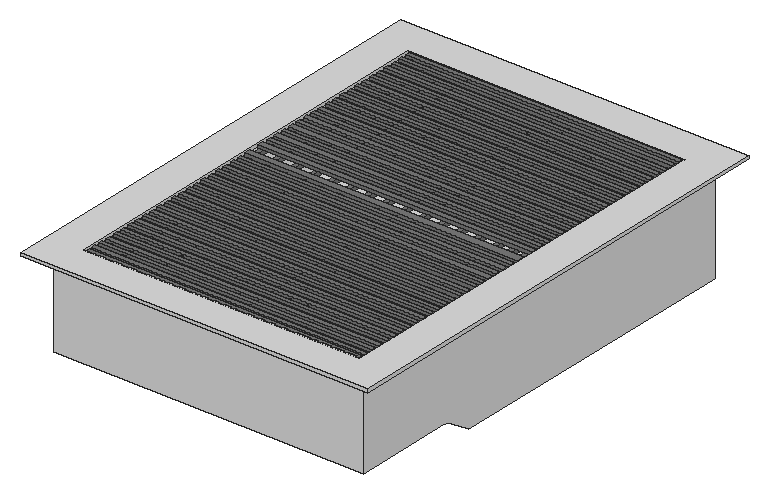
Revit family "VR414611", category Generic Models, Revit 2014
Parameters (values of type "V R414611")
  Width = 380 mm
  Unit = Aluminium
  URL = "http://www.gaggenau.com."
  Model = "V R 414 611"
  Manufacturer = "Gaggenau"
  Height = 118 mm
  Grill = Black
  Description = "Gaggenau Vario 400 series electric grill"
  Depth = 520 mm
Reference planes
  plane 1 "Center (Front/Back)": y = 0
  plane 2: z = 0
  plane 3 "Center (Left/Right)": x = 0
  plane 4: x = -190
  plane 5: x = 190
  plane 6: y = 260
  plane 7: y = -260
  plane 8: z = 118
  plane 9: z = 115
Forms (mm)
  Sweep 1, solid, material "Aluminium" <- "Unit"
    path origin (0, 0, 0) x (1, 0, 0) y (0, 1, 0)
      loop
        line (-190, 260) -> (-190, -260) -> (190, -260) -> (190, 260) -> (-190, 260)
    profile origin (-190, 0, 0) x (1, 0, 0) y (0, 0, 1)
      loop
        line (0, 118) -> (0, 115) -> (38.834, 115) -> (38.834, 118) -> (0, 118)
  Sweep 2, solid, material "Aluminium" <- "Unit"
    path origin (0, 0, 0) x (1, 0, 0) y (0, 1, 0)
      loop
        line (-190, 260) -> (-190, -260) -> (190, -260) -> (190, 260) -> (-190, 260)
    profile origin (-190, 0, 0) x (1, 0, 0) y (0, 0, 1)
      loop
        line (39.98, 115) -> (20.4, 115) -> (20.4, 0) -> (64.999, 0) -> (64.999, 69.5) -> (52.053, 69.5) -> (39.98, 115)
  Extrusion 3, solid, material "Black" <- "Grill"
    sketch origin (0, 0, 23) x (1, 0, 0) y (0, 1, 0)
      loop
        line (-148.75, 200.278) -> (-148.75, 195.561) -> (150, 195.561) -> (150, 200.278) -> (-148.75, 200.278)
      loop
        line (-148.75, 190.278) -> (-148.75, 185.561) -> (150, 185.561) -> (150, 190.278) -> (-148.75, 190.278)
      loop
        line (-148.75, 180.278) -> (-148.75, 175.561) -> (150, 175.561) -> (150, 180.278) -> (-148.75, 180.278)
      loop
        line (-148.75, 170.278) -> (-148.75, 165.561) -> (150, 165.561) -> (150, 170.278) -> (-148.75, 170.278)
      loop
        line (-148.75, 160.278) -> (-148.75, 155.561) -> (150, 155.561) -> (150, 160.278) -> (-148.75, 160.278)
      loop
        line (-148.75, 150.278) -> (-148.75, 145.561) -> (150, 145.561) -> (150, 150.278) -> (-148.75, 150.278)
      loop
        line (-148.75, 140.278) -> (-148.75, 135.561) -> (150, 135.561) -> (150, 140.278) -> (-148.75, 140.278)
      loop
        line (-148.75, 130.278) -> (-148.75, 125.561) -> (150, 125.561) -> (150, 130.278) -> (-148.75, 130.278)
      loop
        line (-148.75, 120.278) -> (-148.75, 115.561) -> (150, 115.561) -> (150, 120.278) -> (-148.75, 120.278)
      loop
        line (-148.75, 110.278) -> (-148.75, 105.561) -> (150, 105.561) -> (150, 110.278) -> (-148.75, 110.278)
      loop
        line (-148.75, 100.278) -> (-148.75, 95.561) -> (150, 95.561) -> (150, 100.278) -> (-148.75, 100.278)
      loop
        line (-148.75, 90.278) -> (-148.75, 85.561) -> (150, 85.561) -> (150, 90.278) -> (-148.75, 90.278)
      loop
        line (-148.75, 80.278) -> (-148.75, 75.561) -> (150, 75.561) -> (150, 80.278) -> (-148.75, 80.278)
      loop
        line (-148.75, 70.278) -> (-148.75, 65.561) -> (150, 65.561) -> (150, 70.278) -> (-148.75, 70.278)
      loop
        line (-148.75, 60.278) -> (-148.75, 55.561) -> (150, 55.561) -> (150, 60.278) -> (-148.75, 60.278)
      loop
        line (-148.75, 50.278) -> (-148.75, 45.561) -> (150, 45.561) -> (150, 50.278) -> (-148.75, 50.278)
      loop
        line (-148.75, 40.278) -> (-148.75, 35.561) -> (150, 35.561) -> (150, 40.278) -> (-148.75, 40.278)
      loop
        line (-148.75, 30.278) -> (-148.75, 25.561) -> (150, 25.561) -> (150, 30.278) -> (-148.75, 30.278)
      loop
        line (-148.75, 20.278) -> (-148.75, 13.686) -> (150, 13.686) -> (150, 20.278) -> (-148.75, 20.278)
      loop
        line (-148.75, 2.778) -> (-148.75, -4.439) -> (150, -4.439) -> (150, 2.778) -> (-148.75, 2.778)
      loop
        line (-148.75, -9.722) -> (-148.75, -14.439) -> (150, -14.439) -> (150, -9.722) -> (-148.75, -9.722)
      loop
        line (-148.75, -19.722) -> (-148.75, -24.439) -> (150, -24.439) -> (150, -19.722) -> (-148.75, -19.722)
      loop
        line (-148.75, -29.722) -> (-148.75, -34.439) -> (150, -34.439) -> (150, -29.722) -> (-148.75, -29.722)
      loop
        line (-148.75, -39.722) -> (-148.75, -44.439) -> (150, -44.439) -> (150, -39.722) -> (-148.75, -39.722)
      loop
        line (-148.75, -49.722) -> (-148.75, -54.439) -> (150, -54.439) -> (150, -49.722) -> (-148.75, -49.722)
      loop
        line (-148.75, -59.722) -> (-148.75, -64.439) -> (150, -64.439) -> (150, -59.722) -> (-148.75, -59.722)
      loop
        line (-148.75, -69.722) -> (-148.75, -74.439) -> (150, -74.439) -> (150, -69.722) -> (-148.75, -69.722)
      loop
        line (-148.75, -79.722) -> (-148.75, -84.439) -> (150, -84.439) -> (150, -79.722) -> (-148.75, -79.722)
      loop
        line (-148.75, -89.722) -> (-148.75, -94.439) -> (150, -94.439) -> (150, -89.722) -> (-148.75, -89.722)
      loop
        line (-148.75, -99.722) -> (-148.75, -104.439) -> (150, -104.439) -> (150, -99.722) -> (-148.75, -99.722)
      loop
        line (-148.75, -109.722) -> (-148.75, -114.439) -> (150, -114.439) -> (150, -109.722) -> (-148.75, -109.722)
      loop
        line (-148.75, -119.722) -> (-148.75, -124.439) -> (150, -124.439) -> (150, -119.722) -> (-148.75, -119.722)
      loop
        line (-148.75, -129.722) -> (-148.75, -134.439) -> (150, -134.439) -> (150, -129.722) -> (-148.75, -129.722)
      loop
        line (-148.75, -139.722) -> (-148.75, -144.439) -> (150, -144.439) -> (150, -139.722) -> (-148.75, -139.722)
      loop
        line (-148.75, -149.722) -> (-148.75, -154.439) -> (150, -154.439) -> (150, -149.722) -> (-148.75, -149.722)
      loop
        line (-148.75, -159.722) -> (-148.75, -164.439) -> (150, -164.439) -> (150, -159.722) -> (-148.75, -159.722)
      loop
        line (-148.75, -169.722) -> (-148.75, -174.439) -> (150, -174.439) -> (150, -169.722) -> (-148.75, -169.722)
      loop
        line (-148.75, -179.722) -> (-148.75, -184.439) -> (150, -184.439) -> (150, -179.722) -> (-148.75, -179.722)
      loop
        line (-148.75, -189.722) -> (-148.75, -194.439) -> (150, -194.439) -> (150, -189.722) -> (-148.75, -189.722)
      loop
        line (-148.75, -199.722) -> (-148.75, -204.439) -> (150, -204.439) -> (150, -199.722) -> (-148.75, -199.722)
      loop
        line (-148.75, 220.278) -> (-148.75, 215.561) -> (150, 215.561) -> (150, 220.278) -> (-148.75, 220.278)
      loop
        line (-148.75, 210.278) -> (-148.75, 205.561) -> (150, 205.561) -> (150, 210.278) -> (-148.75, 210.278)
      loop
        line (-148.75, -209.722) -> (-148.75, -214.439) -> (150, -214.439) -> (150, -209.722) -> (-148.75, -209.722)
      loop
        line (-148.75, -217.222) -> (-148.75, -221.939) -> (150, -221.939) -> (150, -217.222) -> (-148.75, -217.222)
    from 92 to 95
  Extrusion 4, solid, material "Black" <- "Grill"
    sketch origin (74.439, 70.278, 23) x (0, -1, 0) y (1, 0, 0)
      loop
        line (-150, 72.778) -> (-150, 68.061) -> (291.528, 68.061) -> (291.528, 72.778) -> (-150, 72.778)
      loop
        line (-150, 59.028) -> (-150, 54.311) -> (291.528, 54.311) -> (291.528, 59.028) -> (-150, 59.028)
      loop
        line (-150, 42.778) -> (-150, 38.061) -> (291.528, 38.061) -> (291.528, 42.778) -> (-150, 42.778)
      loop
        line (-150, 22.778) -> (-150, 18.061) -> (291.528, 18.061) -> (291.528, 22.778) -> (-150, 22.778)
      loop
        line (-150, 2.778) -> (-150, -1.939) -> (291.528, -1.939) -> (291.528, 2.778) -> (-150, 2.778)
      loop
        line (-150, -17.222) -> (-150, -21.939) -> (291.528, -21.939) -> (291.528, -17.222) -> (-150, -17.222)
      loop
        line (-150, -37.222) -> (-150, -41.939) -> (291.528, -41.939) -> (291.528, -37.222) -> (-150, -37.222)
      loop
        line (-150, -57.222) -> (-150, -61.939) -> (291.528, -61.939) -> (291.528, -57.222) -> (-150, -57.222)
      loop
        line (-150, -77.222) -> (-150, -81.939) -> (291.528, -81.939) -> (291.528, -77.222) -> (-150, -77.222)
      loop
        line (-150, -97.222) -> (-150, -101.939) -> (291.528, -101.939) -> (291.528, -97.222) -> (-150, -97.222)
      loop
        line (-150, -117.222) -> (-150, -121.939) -> (291.528, -121.939) -> (291.528, -117.222) -> (-150, -117.222)
      loop
        line (-150, -137.222) -> (-150, -141.939) -> (291.528, -141.939) -> (291.528, -137.222) -> (-150, -137.222)
      loop
        line (-150, -157.222) -> (-150, -161.939) -> (291.528, -161.939) -> (291.528, -157.222) -> (-150, -157.222)
      loop
        line (-150, -177.222) -> (-150, -181.939) -> (291.528, -181.939) -> (291.528, -177.222) -> (-150, -177.222)
      loop
        line (-150, -197.222) -> (-150, -201.939) -> (291.528, -201.939) -> (291.528, -197.222) -> (-150, -197.222)
      loop
        line (-150, -217.222) -> (-150, -221.939) -> (291.528, -221.939) -> (291.528, -217.222) -> (-150, -217.222)
    from 92 to 87.979
  Extrusion 5, solid, material "Aluminium" <- "Unit"
    sketch origin (-125.001, 195.001, 0) x (-1, 0, 0) y (0, 1, 0)
      loop
        line (-250.001, 0) -> (-250.001, -390.001) -> (0, -390.001) -> (0, 0) -> (-250.001, 0)
    from 0 to -69.5
  Extrusion 6, void
    sketch origin (0, 0, 0) x (0, 1, 0) y (0, 0, 1)
      loop
        line (-244.6, 19.234) -> (-244.6, -5.766) -> (-88.242, -5.766) -> (-120.236, 15.814)
        arc (-120.236, 15.814) -> (-125.573, 18.36) -> (-131.42, 19.234) r 20
        line (-131.42, 19.234) -> (-244.6, 19.234)
    from -190 to 190
  Extrusion 7, solid, material "Black" <- "Grill"
    sketch origin (0, 0, 0) x (1, 0, 0) y (0, 1, 0)
      loop
        line (123.75, 209.028) -> (119.75, 209.028) -> (119.75, 79.254)
        arc (119.75, 79.254) -> (103.609, 63.113) -> (87.468, 79.254) r 16.141
        line (87.468, 79.254) -> (87.468, 166.661)
        arc (87.468, 166.661) -> (68.468, 185.661) -> (49.468, 166.661) r 19
        line (49.468, 166.661) -> (49.468, 79.254)
        arc (49.468, 79.254) -> (33.326, 63.113) -> (17.185, 79.254) r 16.141
        line (17.185, 79.254) -> (17.185, 167.22)
        arc (17.185, 167.22) -> (0.06, 184.345) -> (-17.065, 167.22) r 17.125
        line (-17.065, 167.22) -> (-17.065, 79.254)
        arc (-17.065, 79.254) -> (-33.206, 63.113) -> (-49.347, 79.254) r 16.141
        line (-49.347, 79.254) -> (-49.347, 166.661)
        arc (-49.347, 166.661) -> (-68.347, 185.661) -> (-87.347, 166.661) r 19
        line (-87.347, 166.661) -> (-87.347, 79.254)
        arc (-87.347, 79.254) -> (-103.489, 63.113) -> (-119.63, 79.254) r 16.141
        line (-119.63, 79.254) -> (-119.63, 210.278) -> (-123.63, 210.278) -> (-123.63, 79.254)
        arc (-123.63, 79.254) -> (-103.489, 59.113) -> (-83.347, 79.254) r 20.141
        line (-83.347, 79.254) -> (-83.347, 166.701)
        arc (-83.347, 166.701) -> (-68.347, 181.701) -> (-53.347, 166.701) r 15
        line (-53.347, 166.701) -> (-53.347, 79.254)
        arc (-53.347, 79.254) -> (-33.206, 59.113) -> (-13.065, 79.254) r 20.141
        line (-13.065, 79.254) -> (-13.065, 167.052)
        arc (-13.065, 167.052) -> (0.06, 180.177) -> (13.185, 167.052) r 13.125
        line (13.185, 167.052) -> (13.185, 79.254)
        arc (13.185, 79.254) -> (33.326, 59.113) -> (53.468, 79.254) r 20.141
        line (53.468, 79.254) -> (53.468, 166.701)
        arc (53.468, 166.701) -> (68.468, 181.701) -> (83.468, 166.701) r 15
        line (83.468, 166.701) -> (83.468, 79.254)
        arc (83.468, 79.254) -> (103.609, 59.113) -> (123.75, 79.254) r 20.141
        line (123.75, 79.254) -> (123.75, 209.028)
      loop
        line (123.75, -209.028) -> (123.75, -79.254)
        arc (123.75, -79.254) -> (103.609, -59.113) -> (83.468, -79.254) r 20.141
        line (83.468, -79.254) -> (83.468, -166.701)
        arc (83.468, -166.701) -> (68.468, -181.701) -> (53.468, -166.701) r 15
        line (53.468, -166.701) -> (53.468, -79.254)
        arc (53.468, -79.254) -> (33.326, -59.113) -> (13.185, -79.254) r 20.141
        line (13.185, -79.254) -> (13.185, -167.052)
        arc (13.185, -167.052) -> (0.06, -180.177) -> (-13.065, -167.052) r 13.125
        line (-13.065, -167.052) -> (-13.065, -79.254)
        arc (-13.065, -79.254) -> (-33.206, -59.113) -> (-53.347, -79.254) r 20.141
        line (-53.347, -79.254) -> (-53.347, -166.701)
        arc (-53.347, -166.701) -> (-68.347, -181.701) -> (-83.347, -166.701) r 15
        line (-83.347, -166.701) -> (-83.347, -79.254)
        arc (-83.347, -79.254) -> (-103.489, -59.113) -> (-123.63, -79.254) r 20.141
        line (-123.63, -79.254) -> (-123.63, -210.278) -> (-119.63, -210.278) -> (-119.63, -79.254)
        arc (-119.63, -79.254) -> (-103.489, -63.113) -> (-87.347, -79.254) r 16.141
        line (-87.347, -79.254) -> (-87.347, -166.661)
        arc (-87.347, -166.661) -> (-68.347, -185.661) -> (-49.347, -166.661) r 19
        line (-49.347, -166.661) -> (-49.347, -79.254)
        arc (-49.347, -79.254) -> (-33.206, -63.113) -> (-17.065, -79.254) r 16.141
        line (-17.065, -79.254) -> (-17.065, -167.22)
        arc (-17.065, -167.22) -> (0.06, -184.345) -> (17.185, -167.22) r 17.125
        line (17.185, -167.22) -> (17.185, -79.254)
        arc (17.185, -79.254) -> (33.326, -63.113) -> (49.468, -79.254) r 16.141
        line (49.468, -79.254) -> (49.468, -166.661)
        arc (49.468, -166.661) -> (68.468, -185.661) -> (87.468, -166.661) r 19
        line (87.468, -166.661) -> (87.468, -79.254)
        arc (87.468, -79.254) -> (103.609, -63.113) -> (119.75, -79.254) r 16.141
        line (119.75, -79.254) -> (119.75, -209.028) -> (123.75, -209.028)
    from 95.676 to 115
Cuts and joins
  Extrusion 6 cuts Sweep 2
  Extrusion 6 cuts Extrusion 5
  joined: Sweep 2, Extrusion 5
Dimensions and locks
  equal spacing: plane 4, plane 3 "Center (Left/Right)", plane 5
  equal spacing: plane 6, plane 1 "Center (Front/Back)", plane 7
  "Width": plane 4 to plane 5
  "Depth": plane 6 to plane 7
  "Height": plane 8 to plane 2
  plane 8 to plane 9 = 3 mm
  aligned and locked: level to plane 2
Automatic sketch dimensions
  Sweep 1 sketch curve to plane 7 = 0 mm
  Sweep 1 sketch curve to plane 5 = 0 mm
  Sweep 1 sketch curve to plane 6 = 0 mm
  Sweep 1 sketch curve to plane 4 = 0 mm
  profile plane to Sweep 1 sketch curve = 0 mm
  Sweep 1 sketch curve to profile plane = 38.834 mm
  level to Sweep 1 sketch curve = 115 mm
  Sweep 1 sketch curve to Sweep 1 sketch curve = 3 mm
  Sweep 2 sketch curve to plane 4 = 0 mm
  Sweep 2 sketch curve to plane 5 = 0 mm
  plane 7 to Sweep 2 sketch curve = 0 mm
  Sweep 2 sketch curve to plane 6 = 0 mm
  Sweep 2 sketch curve to level = 0 mm
  Sweep 2 sketch curve to profile plane = 20.4 mm  (x2)
  Sweep 2 sketch curve to Sweep 2 sketch curve = 19.58 mm
  level to Sweep 2 sketch curve = 115 mm
  Sweep 2 sketch curve to Sweep 2 sketch curve = 12.073 mm
  Sweep 2 sketch curve to Sweep 2 sketch curve = 12.946 mm
  Sweep 2 sketch curve to Sweep 2 sketch curve = 45.5 mm
  Extrusion 5 sketch curve to Sweep 2 = 0 mm  (x4)
  Extrusion 4 sketch curve to plane 6 = 39.722 mm  (x2)
  Extrusion 4 sketch curve to Extrusion 4 sketch curve = 0 mm  (x29)
  Extrusion 4 sketch curve to plane 3 "Center (Left/Right)" = 7.5 mm
  plane 3 "Center (Left/Right)" to Extrusion 4 sketch curve = 12.5 mm
  Extrusion 4 sketch curve to plane 7 = 38.75 mm
  Extrusion 4 sketch curve to plane 3 "Center (Left/Right)" = 2.782 mm
  Extrusion 4 sketch curve to Extrusion 4 sketch curve = 15.282 mm  (x12)
  Extrusion 4 sketch curve to Extrusion 4 sketch curve = 4.718 mm  (x15)
  Extrusion 4 sketch curve to Extrusion 4 sketch curve = 11.532 mm
  Extrusion 4 sketch curve to Extrusion 4 sketch curve = 9.032 mm
  level to Extrusion 6 sketch curve = 19.234 mm
  Extrusion 6 sketch curve to plane 7 = 128.58 mm
  level to Extrusion 6 sketch curve = 15.814 mm
  Extrusion 6 sketch curve to Extrusion 6 sketch curve = 11.184 mm
  Extrusion 6 sketch curve to level = 5.766 mm
  Extrusion 6 sketch curve to plane 7 = 15.4 mm
  Extrusion 6 sketch curve to Extrusion 6 sketch curve = 31.995 mm
  plane 4 to Extrusion 3 sketch curve = 41.25 mm  (x2)
  Extrusion 3 sketch curve to Extrusion 3 sketch curve = 0 mm  (x84)
  Extrusion 3 sketch curve to plane 1 "Center (Front/Back)" = 2.778 mm
  plane 5 to Extrusion 3 sketch curve = 40 mm  (x2)
  plane 1 "Center (Front/Back)" to Extrusion 3 sketch curve = 4.439 mm
  Extrusion 3 sketch curve to Extrusion 3 sketch curve = 5.282 mm  (x41)
  Extrusion 3 sketch curve to Extrusion 3 sketch curve = 4.718 mm  (x42)
  Extrusion 3 sketch curve to Extrusion 3 sketch curve = 2.782 mm
  Extrusion 3 sketch curve to Extrusion 3 sketch curve = 6.593 mm
  Extrusion 3 sketch curve to Extrusion 3 sketch curve = 10.907 mm
  Extrusion 7 sketch curve to Extrusion 7 sketch curve = 0 mm  (x25)
  plane 4 to Extrusion 7 sketch curve = 66.37 mm  (x2)
  Extrusion 7 sketch curve to Extrusion 7 sketch curve = 4 mm  (x2)
  Extrusion 7 sketch curve to Extrusion 7 sketch curve = 16.141 mm  (x8)
  Extrusion 7 sketch curve to Extrusion 7 sketch curve = 15 mm  (x4)
  plane 3 "Center (Left/Right)" to Extrusion 7 sketch curve = 0.06 mm  (x4)
  Extrusion 7 sketch curve to plane 7 = 49.722 mm
  Extrusion 7 sketch curve to plane 7 = 50.972 mm
  Extrusion 7 sketch curve to plane 7 = 92.78 mm
  Extrusion 7 sketch curve to Extrusion 7 sketch curve = 0.168 mm  (x2)
  Extrusion 7 sketch curve to Extrusion 7 sketch curve = 43.578 mm
  Extrusion 7 sketch curve to Extrusion 7 sketch curve = 42.328 mm
  Extrusion 7 sketch curve to Extrusion 7 sketch curve = 0.04 mm  (x4)
  plane 1 "Center (Front/Back)" to Extrusion 7 sketch curve = 79.254 mm
  Extrusion 7 sketch curve to plane 1 "Center (Front/Back)" = 79.254 mm  (x2)
  Extrusion 7 sketch curve to Extrusion 7 sketch curve = 87.407 mm  (x2)
  Extrusion 7 sketch curve to Extrusion 7 sketch curve = 0.391 mm
  Extrusion 7 sketch curve to plane 6 = 50.972 mm
  Extrusion 7 sketch curve to plane 6 = 49.722 mm
